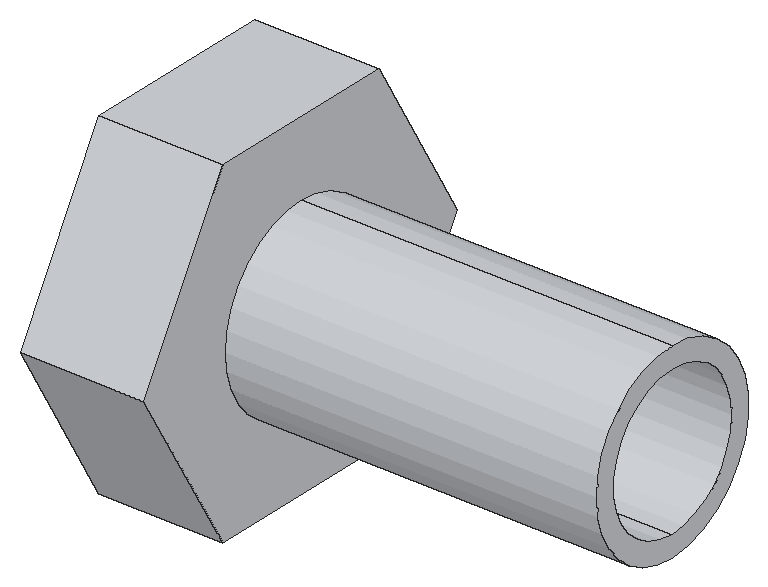
Revit family "TR3013", category Verbindungsmittel, Revit 2021
Family settings
  OmniClass-Nummer = 23.25.10.27.11.21
  OmniClass-Titel = Reinforcement Couplers
  Arbeitsebenenbasiert = Nein
  Immer vertikal = Nein
  Beim Laden mit Abzugskörper schneiden = Nein
  Gemeinsam genutzt = Nein
Parameters (values of type "TR 3013-ø18")
  URL = "http//:www.annahuette.com"
  Typenkommentare = "TR 3013 - Wechselstück"
  Typenbild = TR3013.png
  TR3013-ød = 18 mm
  TR3013-ø = [TR3013-ød] + 5 mm  # 23 mm
  TR3013-SW_Vis = [TR3013-SW] = [TR3013-SW]  # yes
  TR3013-SW = 41 mm
  TR3013-Lw = 60 mm
  TR3013-Lm = 45 mm
  TR3013-L_Vis = [TR3013-L] = [TR3013-L]  # yes
  TR3013-L = [TR3013-Lw] - [TR3013-Lm]  # 15 mm
  Stabgröße 2 = SAS 670 - ø18
  Stabgröße 1 = SAS 670 - ø18
  Modell = "TR 3013"
  Körper = 0.00 kg  # 0,00 kg
  Hersteller = "Stahlwerk Annahütte Max Aicher GmbH Co.KG"
  Gesamtlänge = [TR3013-Lw]  # 60 mm
  Endenbearbeitung 2 = Mit Gewinde
  Endenbearbeitung 1 = Mit Gewinde
  Einfassung Stab 2 = [TR3013-Lm] / 2  # 23 mm
  Einfassung Stab 1 = [TR3013-Lm] / 2  # 23 mm
  Beschreibung = "TR3013-ø18"
  Außendurchmesser = if([TR3013-SW_Vis], [TR3013-SW], 0 mm)  # 41 mm
Types (11, lengths in mm): name | Typenkommentare | TR3013-ød | TR3013-ø | TR3013-SW | TR3013-Lw | TR3013-Lm | TR3013-L | Stabgröße 2 | Stabgröße 1 | Körper | Gesamtlänge | Einfassung Stab 2 | Einfassung Stab 1 | Beschreibung | Außendurchmesser
  (no name) | "TR 3013 - Wechselstück" | 18 | 23 | 41 | 60 | 45 | 15 | SAS 670 - ø18 | SAS 670 - ø18 | (empty or 0) | 60 | 0.073819 (stored number, unit not read) | 0.073819 (stored number, unit not read) | "TR3013-ø18" | 41
  TR 3013-ø18 | "TR 3013 - Wechselstück" | 18 | 23 | 41 | 60 | 45 | 15 | SAS 670 - ø18 | SAS 670 - ø18 | 0,00 kg | 60 | 23 mm | 23 mm | "TR3013-ø18" | 41
  TR 3013-ø22 | "TR 30103- Wechselstück" | 22 | 27 | 46 | 65 | 50 | 15 | SAS 670 - ø22 | SAS 670 - ø22 | 0,00 kg | 65 | 25 mm | 25 mm | "TR3013-ø22" | 46
  TR 3013-ø25 | "TR 3013 - Wechselstück" | 25 | 30 | 55 | 70 | 55 | 15 | SAS 670 - ø25 | SAS 670 - ø25 | 0,00 kg | 70 | 28 mm | 28 mm | "TR3013-ø25" | 55
  TR 3013-ø28 | "TR 3013 - Wechselstück" | 28 | 33 | 60 | 80 | 60 | 20 | SAS 670 - ø28 | SAS 670 - ø28 | 0,00 kg | 80 | 30 mm | 30 mm | "TR3013-ø28" | 60
  TR 3013-ø30 | "TR 3013 - Wechselstück" | 30 | 35 | 65 | 95 | 70 | 25 | SAS 670 - ø30 | SAS 670 - ø30 | 0,00 kg | 95 | 35 mm | 35 mm | "TR3013-ø30" | 65
  TR 3013-ø35 | "TR 3013 - Wechselstück" | 35 | 40 | 80 | 100 | 75 | 25 | SAS 670 - ø35 | SAS 670 - ø35 | 0,00 kg | 100 | 38 mm | 38 mm | "TR3013-ø35" | 80
  TR 3013-ø43 | "TR 3013 - Wechselstück" | 43 | 48 | 90 | 115 | 90 | 25 | Keine | SAS 670 - ø43 | 0,00 kg | 115 | 45 mm | 45 mm | "TR3013-ø43" | 90
  TR 3013-ø50 | "TR 3013 - Wechselstück" | 50 | 55 | 100 | 125 | 100 | 25 | Keine | SAS 670 - ø50 | 0,00 kg | 125 | 50 mm | 50 mm | "TR3013-ø50" | 100
  TR 3013-ø57,5 | "TR 3013 - Wechselstück" | 57.5 | 62.5 | 100 | 135 | 100 | 35 | Keine | SAS 670 - ø57,5 | 0,00 kg | 135 | 50 mm | 50 mm | "TR3013-ø57,5" | 100
  TR 3013-ø63,5 | "TR 3013 - Wechselstück" | 63.5 | 68.5 | 100 | 140 | 105 | 35 | Keine | SAS 670 - ø63,5 | 0,00 kg | 140 | 53 mm | 53 mm | "TR3013-ø63,5" | 100
Reference planes
  plane 1: y = 0
  plane 2: z = 0
  plane 3: x = 0
  plane 4: through (-1200, 0, 0) normal (0, -0.866, -0.5)
  plane 5: through (-1200, 0, 0) normal (0, -0.866, 0.5)
Forms (mm)
  Extrusion 1, solid
    sketch origin (0, 0, 0) x (0, 0, 1) y (0, 1, 0)
      loop
        line (-20.5, -11.836) -> (0, -23.671) -> (20.5, -11.836) -> (20.5, 11.836) -> (0, 23.671) -> (-20.5, 11.836) -> (-20.5, -11.836)
      loop
        circle (0, 0) r 9
    from 0 to 15 <- "TR3013-L"
  Extrusion 2, solid
    sketch origin (125, 0, 0) x (0, 0, 1) y (0, 1, 0)
      loop
        circle (0, 0) r 11.5
      loop
        circle (0, 0) r 9
    from 80 to 125
Dimensions and locks
  "TR3013-SW": Extrusion 1 sketch curve to Extrusion 1 sketch curve  (x3)
  "TR3013-Lm": plane 3 to Extrusion 2
  "TR3013-Lw": Extrusion 1 to Extrusion 2
  "TR3013-ød": diameter of Extrusion 1 sketch curve
  "TR3013-ø": diameter of Extrusion 2 sketch curve
  "TR3013-ød": diameter of Extrusion 2 sketch curve
  angle plane 4 to plane 5 = 60.00°
Automatic sketch dimensions
  plane 4 to Extrusion 1 sketch curve = 0 mm  (x2)
  Extrusion 1 sketch curve to plane 5 = 0 mm
  Extrusion 1 sketch curve to level = 0 mm  (x3)
  Extrusion 1 sketch curve to plane 1 = 0 mm
  Extrusion 2 sketch curve to Extrusion 2 sketch curve = 0 mm  (x2)
  Extrusion 2 sketch curve to level = 0 mm
  Extrusion 2 sketch curve to plane 1 = 0 mm
